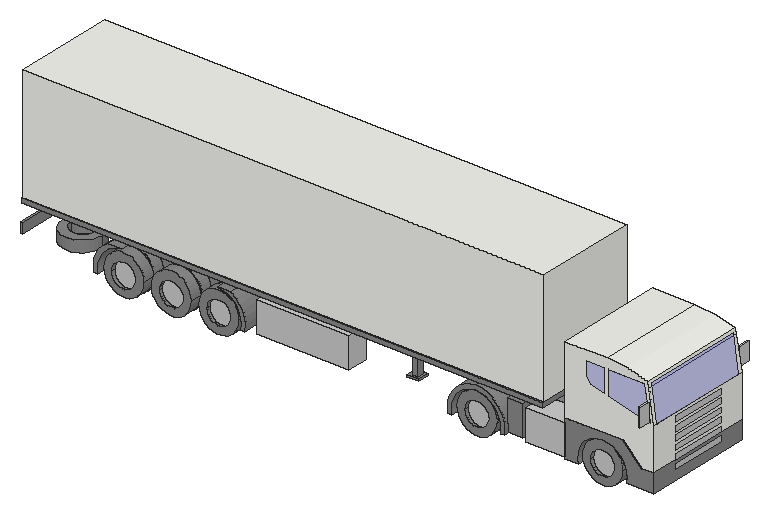
Revit family "1569432738Articulatedlorry", category Entourage, Revit 2015
Parameters (values of type "truckin")
  tyre = Metal - Paint Finish - Dark Gray, Matte
  hub = Metal - Chrome
  glass = Glass
  body = Metal - Paint Finish - Ivory, Matte
  base = Metal - Paint Finish - Dark Gray, Matte
  URL = "www.cadblocksfree.com"
  Height = 0 mm
  Assembly Code = ""
Reference planes
  plane 1 "Center (Front/Back)": y = 0
  plane 2: z = 0
  plane 3 "Center (Left/Right)": x = 0
Forms (mm)
  Extrusion 1, solid, material "Metal - Paint Finish - Ivory, Matte" <- "body"
    sketch origin (0, 33.176, 0) x (1, 0, 0) y (0, 1, 0)
      loop
        line (4209.381, -1003.176) -> (4211.184, 936.824) -> (-5653.337, 936.824) -> (-5653.337, -1003.176) -> (4209.381, -1003.176)
    from 1014.64 to 3169.105
  Extrusion 2, solid, material "Metal - Paint Finish - Dark Gray, Matte" <- "base"
    sketch origin (0, 0, 0) x (1, 0, 0) y (0, 1, 0)
      loop
        line (4211.184, 936.824) -> (-5653.337, 936.824) -> (-5653.337, -1003.176) -> (4209.381, -1003.176) -> (4211.184, 936.824)
    from 929.873 to 1014.64
  Extrusion 3, solid, material "Metal - Paint Finish - Dark Gray, Matte" <- "base"
    sketch origin (0, 0, 10.127) x (1, 0, 0) y (0, 0, 1)
      loop
        line (-5652.824, 929.873) -> (-5648.505, 620.585) -> (-4259.595, 628.808) -> (-4011.289, 386.146) -> (-888.816, 386.146) -> (-674.381, 386.146) -> (-387.242, 682.88) -> (562.49, 721.276) -> (1063.577, 929.873) -> (-5652.824, 929.873)
    from 353.472 to 531.906
  Extrusion 4, solid, material "Metal - Paint Finish - Dark Gray, Matte" <- "base"
    sketch origin (0, 0, 10.127) x (1, 0, 0) y (0, 0, -1)
      loop
        line (-5652.824, -929.873) -> (1063.577, -929.873) -> (562.49, -721.276) -> (-387.242, -682.88) -> (-674.381, -386.146) -> (-888.816, -386.146) -> (-4011.289, -386.146) -> (-4259.595, -628.808) -> (-5648.505, -620.585) -> (-5652.824, -929.873)
    from 353.472 to 531.906
  Extrusion 5, solid, material "Metal - Paint Finish - Dark Gray, Matte" <- "base"
    sketch origin (0, 0, 0) x (1, 0, 0) y (0, 0, 1)
      loop
        line (-5601.973, 630.988) -> (-5651.973, 630.988) -> (-5651.973, 446.252) -> (-5601.973, 446.252) -> (-5601.973, 630.988)
    from -1034.739 to 1033.783
  Extrusion 6, solid, material "Metal - Paint Finish - Dark Gray, Matte" <- "tyre"
    sketch origin (0, 0, 0) x (1, 0, 0) y (0, 0, 1)
      loop
        circle (-3725.547, 376.273) r 379.356
    from 531.906 to 745.996
  Extrusion 7, void
    sketch origin (0, 0, 0) x (1, 0, 0) y (0, 0, 1)
      loop
        circle (-3725.547, 376.273) r 227.54
    from 531.906 to 1003.176
  Extrusion 8, solid, material "Metal - Paint Finish - Dark Gray, Matte" <- "tyre"
    sketch origin (0, -244.09, 12.057) x (1, 0, 0) y (0, 0, 1)
      loop
        circle (-3725.547, 376.273) r 379.356
    from 531.906 to 745.996
  Extrusion 9, solid, material "Metal - Paint Finish - Dark Gray, Matte" <- "tyre"
    sketch origin (900, 0, 0) x (1, 0, 0) y (0, 0, 1)
      loop
        circle (-3725.547, 376.273) r 379.356
    from 531.906 to 745.996
  Extrusion 10, void
    sketch origin (900, 0, 0) x (1, 0, 0) y (0, 0, 1)
      loop
        circle (-3725.547, 376.273) r 227.54
    from 531.906 to 1003.176
  Extrusion 11, solid, material "Metal - Paint Finish - Dark Gray, Matte" <- "tyre"
    sketch origin (900, -244.09, 12.057) x (1, 0, 0) y (0, 0, 1)
      loop
        circle (-3725.547, 376.273) r 379.356
    from 531.906 to 745.996
  Extrusion 12, solid, material "Metal - Paint Finish - Dark Gray, Matte" <- "tyre"
    sketch origin (1800, 0, 0) x (1, 0, 0) y (0, 0, 1)
      loop
        circle (-3725.547, 376.273) r 379.356
    from 531.906 to 745.996
  Extrusion 13, void
    sketch origin (1800, 0, 0) x (1, 0, 0) y (0, 0, 1)
      loop
        circle (-3725.547, 376.273) r 227.54
    from 531.906 to 1003.176
  Extrusion 14, solid, material "Metal - Paint Finish - Dark Gray, Matte" <- "tyre"
    sketch origin (1800, -244.09, 12.057) x (1, 0, 0) y (0, 0, 1)
      loop
        circle (-3725.547, 376.273) r 379.356
    from 531.906 to 745.996
  Extrusion 15, solid, material "Metal - Paint Finish - Dark Gray, Matte" <- "tyre"
    sketch origin (6683.335, 0, 0) x (1, 0, 0) y (0, 0, 1)
      loop
        circle (-3725.547, 376.273) r 379.356
    from 531.906 to 745.996
  Extrusion 16, void
    sketch origin (6683.335, 0, 0) x (1, 0, 0) y (0, 0, 1)
      loop
        circle (-3725.547, 376.273) r 227.54
    from 531.906 to 1003.176
  Extrusion 17, solid, material "Metal - Paint Finish - Dark Gray, Matte" <- "tyre"
    sketch origin (6683.335, -244.09, 12.057) x (1, 0, 0) y (0, 0, 1)
      loop
        circle (-3725.547, 376.273) r 379.356
    from 531.906 to 745.996
  Extrusion 18, solid, material "Metal - Paint Finish - Dark Gray, Matte" <- "tyre"
    sketch origin (9058.452, 0, 0) x (1, 0, 0) y (0, 0, 1)
      loop
        circle (-3725.547, 376.273) r 379.356
    from 531.906 to 745.996
  Extrusion 19, void
    sketch origin (9058.452, 0, 0) x (1, 0, 0) y (0, 0, 1)
      loop
        circle (-3725.547, 376.273) r 227.54
    from 531.906 to 1003.176
  Extrusion 20, solid, material "Metal - Paint Finish - Dark Gray, Matte" <- "tyre"
    sketch origin (9058.452, -244.09, 12.057) x (1, 0, 0) y (0, 0, 1)
      loop
        circle (-3725.547, 376.273) r 379.356
    from 531.906 to 745.996
  Extrusion 21, solid, material "Metal - Paint Finish - Dark Gray, Matte" <- "tyre"
    sketch origin (0, 0, 0) x (1, 0, 0) y (0, 0, -1)
      loop
        circle (-3725.547, -376.273) r 379.356
    from 531.906 to 745.996
  Extrusion 22, void
    sketch origin (0, 0, 0) x (1, 0, 0) y (0, 0, -1)
      loop
        circle (-3725.547, -376.273) r 227.54
    from 531.906 to 1003.176
  Extrusion 23, solid, material "Metal - Paint Finish - Dark Gray, Matte" <- "tyre"
    sketch origin (0, 244.09, 12.057) x (1, 0, 0) y (0, 0, -1)
      loop
        circle (-3725.547, -376.273) r 379.356
    from 531.906 to 745.996
  Extrusion 24, solid, material "Metal - Paint Finish - Dark Gray, Matte" <- "tyre"
    sketch origin (900, 0, 0) x (1, 0, 0) y (0, 0, -1)
      loop
        circle (-3725.547, -376.273) r 379.356
    from 531.906 to 745.996
  Extrusion 25, void
    sketch origin (900, 0, 0) x (1, 0, 0) y (0, 0, -1)
      loop
        circle (-3725.547, -376.273) r 227.54
    from 531.906 to 1003.176
  Extrusion 26, solid, material "Metal - Paint Finish - Dark Gray, Matte" <- "tyre"
    sketch origin (900, 244.09, 12.057) x (1, 0, 0) y (0, 0, -1)
      loop
        circle (-3725.547, -376.273) r 379.356
    from 531.906 to 745.996
  Extrusion 27, solid, material "Metal - Paint Finish - Dark Gray, Matte" <- "tyre"
    sketch origin (1800, 0, 0) x (1, 0, 0) y (0, 0, -1)
      loop
        circle (-3725.547, -376.273) r 379.356
    from 531.906 to 745.996
  Extrusion 28, void
    sketch origin (1800, 0, 0) x (1, 0, 0) y (0, 0, -1)
      loop
        circle (-3725.547, -376.273) r 227.54
    from 531.906 to 1003.176
  Extrusion 29, solid, material "Metal - Paint Finish - Dark Gray, Matte" <- "tyre"
    sketch origin (1800, 244.09, 12.057) x (1, 0, 0) y (0, 0, -1)
      loop
        circle (-3725.547, -376.273) r 379.356
    from 531.906 to 745.996
  Extrusion 30, solid, material "Metal - Paint Finish - Dark Gray, Matte" <- "tyre"
    sketch origin (6683.335, 0, 0) x (1, 0, 0) y (0, 0, -1)
      loop
        circle (-3725.547, -376.273) r 379.356
    from 531.906 to 745.996
  Extrusion 31, void
    sketch origin (6683.335, 0, 0) x (1, 0, 0) y (0, 0, -1)
      loop
        circle (-3725.547, -376.273) r 227.54
    from 531.906 to 1003.176
  Extrusion 32, solid, material "Metal - Paint Finish - Dark Gray, Matte" <- "tyre"
    sketch origin (6683.335, 244.09, 12.057) x (1, 0, 0) y (0, 0, -1)
      loop
        circle (-3725.547, -376.273) r 379.356
    from 531.906 to 745.996
  Extrusion 33, solid, material "Metal - Paint Finish - Dark Gray, Matte" <- "tyre"
    sketch origin (9058.452, 0, 0) x (1, 0, 0) y (0, 0, -1)
      loop
        circle (-3725.547, -376.273) r 379.356
    from 531.906 to 745.996
  Extrusion 34, void
    sketch origin (9058.452, 0, 0) x (1, 0, 0) y (0, 0, -1)
      loop
        circle (-3725.547, -376.273) r 227.54
    from 531.906 to 1003.176
  Extrusion 35, solid, material "Metal - Paint Finish - Dark Gray, Matte" <- "tyre"
    sketch origin (9058.452, 244.09, 12.057) x (1, 0, 0) y (0, 0, -1)
      loop
        circle (-3725.547, -376.273) r 379.356
    from 531.906 to 745.996
  Extrusion 36, void
    sketch origin (-1099.626, -211.018, -359.099) x (1, 0, 0) y (0, 1, 0)
      loop
        circle (-3725.547, -376.273) r 227.54
    from 531.906 to 1003.176
  Extrusion 37, solid, material "Metal - Paint Finish - Dark Gray, Matte" <- "tyre"
    sketch origin (-1099.626, -223.075, -115.009) x (1, 0, 0) y (0, 1, 0)
      loop
        circle (-3725.547, -376.273) r 379.356
    from 531.906 to 745.996
  Extrusion 38, void
    sketch origin (528.58, 211.018, -533.189) x (-1, 0, 0) y (0, -1, 0)
      loop
        circle (-3725.547, -376.273) r 227.54
    from 531.906 to 1003.176
  Extrusion 39, solid, material "Metal - Paint Finish - Dark Gray, Matte" <- "tyre"
    sketch origin (528.58, 223.075, -289.099) x (-1, 0, 0) y (0, -1, 0)
      loop
        circle (-3725.547, -376.273) r 379.356
    from 531.906 to 745.996
  Extrusion 40, solid, material "Metal - Chrome" <- "hub"
    sketch origin (0, 0, 0) x (1, 0, 0) y (0, 0, 1)
      loop
        circle (2957.787, 376.273) r 227.54
    from 563.292 to 933.783
  Extrusion 41, solid, material "Metal - Chrome" <- "hub"
    sketch origin (2375.117, 0, 0) x (1, 0, 0) y (0, 0, 1)
      loop
        circle (2957.787, 376.273) r 227.54
    from 563.292 to 933.783
  Extrusion 42, solid, material "Metal - Chrome" <- "hub"
    sketch origin (-4883.335, 0, 0) x (1, 0, 0) y (0, 0, 1)
      loop
        circle (2957.787, 376.273) r 227.54
    from 563.292 to 933.783
  Extrusion 43, solid, material "Metal - Chrome" <- "hub"
    sketch origin (-5783.335, 0, 0) x (1, 0, 0) y (0, 0, 1)
      loop
        circle (2957.787, 376.273) r 227.54
    from 563.292 to 933.783
  Extrusion 44, solid, material "Metal - Chrome" <- "hub"
    sketch origin (-6683.335, 0, 0) x (1, 0, 0) y (0, 0, 1)
      loop
        circle (2957.787, 376.273) r 227.54
    from 563.292 to 933.783
  Extrusion 45, solid, material "Metal - Chrome" <- "hub"
    sketch origin (0, 0, 0) x (1, 0, 0) y (0, 0, -1)
      loop
        circle (2957.787, -376.273) r 227.54
    from 563.292 to 933.783
  Extrusion 46, solid, material "Metal - Chrome" <- "hub"
    sketch origin (2375.117, 0, 0) x (1, 0, 0) y (0, 0, -1)
      loop
        circle (2957.787, -376.273) r 227.54
    from 563.292 to 933.783
  Extrusion 47, solid, material "Metal - Chrome" <- "hub"
    sketch origin (-4883.335, 0, 0) x (1, 0, 0) y (0, 0, -1)
      loop
        circle (2957.787, -376.273) r 227.54
    from 563.292 to 933.783
  Extrusion 48, solid, material "Metal - Chrome" <- "hub"
    sketch origin (-5783.335, 0, 0) x (1, 0, 0) y (0, 0, -1)
      loop
        circle (2957.787, -376.273) r 227.54
    from 563.292 to 933.783
  Extrusion 49, solid, material "Metal - Chrome" <- "hub"
    sketch origin (-6683.335, 0, 0) x (1, 0, 0) y (0, 0, -1)
      loop
        circle (2957.787, -376.273) r 227.54
    from 563.292 to 933.783
  Extrusion 50, solid, material "Metal - Chrome" <- "hub"
    sketch origin (0, 0, 0) x (1, 0, 0) y (0, 0, 1)
      loop
        line (-1256.199, 802.528) -> (-1256.199, 229.895) -> (486.801, 229.895) -> (486.801, 802.528) -> (-1256.199, 802.528)
    from 545.502 to 933.783
  Extrusion 51, solid, material "Metal - Chrome" <- "hub"
    sketch origin (0, 0, 0) x (1, 0, 0) y (0, 0, -1)
      loop
        line (-1256.199, -802.528) -> (486.801, -802.528) -> (486.801, -229.895) -> (-1256.199, -229.895) -> (-1256.199, -802.528)
    from 545.502 to 933.783
  Extrusion 52, solid, material "Metal - Paint Finish - Dark Gray, Matte" <- "base"
    sketch origin (0, 0, 0) x (1, 0, 0) y (0, 1, 0)
      loop
        line (1328.629, -376.709) -> (1328.629, -476.709) -> (1428.629, -476.709) -> (1428.629, -376.709) -> (1328.629, -376.709)
    from 250 to 929.873
  Extrusion 53, solid, material "Metal - Paint Finish - Dark Gray, Matte" <- "base"
    sketch origin (0, 0, 0) x (1, 0, 0) y (0, 1, 0)
      loop
        line (1488.629, -316.709) -> (1268.629, -316.709) -> (1268.629, -536.709) -> (1488.629, -536.709) -> (1488.629, -316.709)
    from 218.574 to 250
  Extrusion 54, solid, material "Metal - Paint Finish - Dark Gray, Matte" <- "base"
    sketch origin (0, 0, 0) x (1, 0, 0) y (0, 1, 0)
      loop
        line (1328.629, 376.709) -> (1428.629, 376.709) -> (1428.629, 476.709) -> (1328.629, 476.709) -> (1328.629, 376.709)
    from 250 to 929.873
  Extrusion 55, solid, material "Metal - Paint Finish - Dark Gray, Matte" <- "base"
    sketch origin (0, 0, 0) x (1, 0, 0) y (0, 1, 0)
      loop
        line (1488.629, 316.709) -> (1488.629, 536.709) -> (1268.629, 536.709) -> (1268.629, 316.709) -> (1488.629, 316.709)
    from 218.574 to 250
  Extrusion 56, solid, material "Metal - Paint Finish - Dark Gray, Matte" <- "base"
    sketch origin (0, 0, 0) x (1, 0, 0) y (0, 0, 1)
      loop
        line (2459.458, 652.573) -> (2313.515, 433.657) -> (4518.57, 431.994) -> (4518.57, 652.573) -> (2459.458, 652.573)
    from -527.839 to 531.906
  Extrusion 57, solid, material "Metal - Paint Finish - Dark Gray, Matte" <- "base"
    sketch origin (0, 0, 0) x (1, 0, 0) y (0, 0, 1)
      loop
        line (2435.619, 231.994) -> (2516.961, 231.994)
        arc (2516.961, 231.994) -> (2609.227, 620.348) -> (2963.724, 803.824) r 478.794
        arc (2963.724, 803.824) -> (3330.139, 626.111) -> (3432.676, 231.994) r 485.961
        line (3432.676, 231.994) -> (3513.773, 231.994)
        arc (3513.773, 231.994) -> (3386.552, 683.381) -> (2962.589, 883.854) r 565.961
        arc (2962.589, 883.854) -> (2551.965, 676.873) -> (2435.619, 231.994) r 558.794
    from 531.906 to 1033.783
  Extrusion 58, solid, material "Metal - Paint Finish - Dark Gray, Matte" <- "base"
    sketch origin (0, 0, 0) x (1, 0, 0) y (0, 0, 1)
      loop
        arc (-4183.039, 265.567) -> (-4088.495, 653.317) -> (-3735.135, 838.858) r 484.981
        line (-3735.135, 838.858) -> (-3997.575, 838.858)
        arc (-3997.575, 838.858) -> (-4218.604, 593.005) -> (-4264.225, 265.567) r 564.981
        line (-4264.225, 265.567) -> (-4183.039, 265.567)
    from 563.292 to 1033.783
  Extrusion 59, solid, material "Metal - Paint Finish - Dark Gray, Matte" <- "base"
    sketch origin (-5660.316, 0, 0) x (-1, 0, 0) y (0, 0, -1)
      loop
        line (-4183.039, -265.567) -> (-4264.225, -265.567)
        arc (-4264.225, -265.567) -> (-4218.604, -593.005) -> (-3997.575, -838.858) r 564.981
        line (-3997.575, -838.858) -> (-3735.135, -838.858)
        arc (-3735.135, -838.858) -> (-4088.495, -653.317) -> (-4183.039, -265.567) r 484.981
    from 563.292 to 1033.783
  Extrusion 60, solid, material "Metal - Paint Finish - Dark Gray, Matte" <- "base"
    sketch origin (0, 0, 0) x (1, 0, 0) y (0, 0, -1)
      loop
        line (-4183.039, -265.567) -> (-4264.225, -265.567)
        arc (-4264.225, -265.567) -> (-4218.604, -593.005) -> (-3997.575, -838.858) r 564.981
        line (-3997.575, -838.858) -> (-3735.135, -838.858)
        arc (-3735.135, -838.858) -> (-4088.495, -653.317) -> (-4183.039, -265.567) r 484.981
    from 563.292 to 1033.783
  Extrusion 61, solid, material "Metal - Paint Finish - Dark Gray, Matte" <- "base"
    sketch origin (-5660.316, 0, 0) x (-1, 0, 0) y (0, 0, 1)
      loop
        arc (-4183.039, 265.567) -> (-4088.495, 653.317) -> (-3735.135, 838.858) r 484.981
        line (-3735.135, 838.858) -> (-3997.575, 838.858)
        arc (-3997.575, 838.858) -> (-4218.604, 593.005) -> (-4264.225, 265.567) r 564.981
        line (-4264.225, 265.567) -> (-4183.039, 265.567)
    from 563.292 to 1033.783
  Extrusion 62, solid, material "Metal - Paint Finish - Dark Gray, Matte" <- "base"
    sketch origin (0, 0, 0) x (1, 0, 0) y (0, 0, -1)
      loop
        arc (2435.619, -231.994) -> (2551.965, -676.873) -> (2962.589, -883.854) r 558.794
        arc (2962.589, -883.854) -> (3386.552, -683.381) -> (3513.773, -231.994) r 565.961
        line (3513.773, -231.994) -> (3432.676, -231.994)
        arc (3432.676, -231.994) -> (3330.139, -626.111) -> (2963.724, -803.824) r 485.961
        arc (2963.724, -803.824) -> (2609.227, -620.348) -> (2516.961, -231.994) r 478.794
        line (2516.961, -231.994) -> (2435.619, -231.994)
    from 531.906 to 1033.783
  Extrusion 63, solid, material "Metal - Paint Finish - Dark Gray, Matte" <- "base"
    sketch origin (0, 0, 0) x (1, 0, 0) y (0, 0, 1)
      loop
        line (3511.184, 838.567) -> (3511.184, 265.567) -> (3811.184, 265.567) -> (3811.184, 838.567) -> (3511.184, 838.567)
    from 551.709 to 971.709
  Extrusion 64, solid, material "Metal - Paint Finish - Dark Gray, Matte" <- "base"
    sketch origin (0, 0, 0) x (1, 0, 0) y (0, 0, -1)
      loop
        line (3511.184, -838.567) -> (3811.184, -838.567) -> (3811.184, -265.567) -> (3511.184, -265.567) -> (3511.184, -838.567)
    from 551.709 to 971.709
  Extrusion 65, solid, material "Metal - Chrome" <- "hub"
    sketch origin (0, 0, 0) x (1, 0, 0) y (0, 0, 1)
      loop
        line (3911.184, 838.2) -> (3911.184, 265.567) -> (4654.184, 265.567) -> (4654.184, 838.2) -> (3911.184, 838.2)
    from 563.292 to 1033.783
  Extrusion 66, solid, material "Metal - Chrome" <- "hub"
    sketch origin (0, 0, 0) x (1, 0, 0) y (0, 0, -1)
      loop
        line (3911.184, -838.2) -> (4654.184, -838.2) -> (4654.184, -516.898) -> (3911.184, -516.898) -> (3911.184, -838.2)
    from 563.292 to 1033.783
  Extrusion 67, solid, material "Metal - Paint Finish - Ivory, Matte" <- "body"
    sketch origin (280.112, 0, 0) x (1, 0, 0) y (0, 0, 1)
      loop
        line (4374.072, 2222.585) -> (4374.072, 931.994) -> (5474.072, 931.994) -> (5827.626, 578.441) -> (6055.629, 578.441) -> (6055.629, 1374.994) -> (5954.695, 1992.107) -> (5938.782, 2089.402)
        arc (5938.782, 2089.402) -> (5562.234, 2189.04) -> (5174.172, 2222.585) r 2261.42
        line (5174.172, 2222.585) -> (4374.072, 2222.585)
    from -1034.739 to 1033.783
  Extrusion 68, void
    sketch origin (-1099.626, 211.018, -359.099) x (1, 0, 0) y (0, 1, 0)
      loop
        circle (-3725.547, 376.273) r 227.54
    from 531.906 to 1003.176
  Extrusion 69, solid, material "Metal - Paint Finish - Dark Gray, Matte" <- "tyre"
    sketch origin (-1099.626, 223.075, -115.009) x (1, 0, 0) y (0, 1, 0)
      loop
        circle (-3725.547, 376.273) r 379.356
    from 531.906 to 745.996
  Extrusion 70, solid, material "Metal - Paint Finish - Dark Gray, Matte" <- "base"
    sketch origin (280.112, 0, 0) x (1, 0, 0) y (0, 0, 1)
      loop
        line (4374.072, 931.994) -> (4374.072, 231.994) -> (4636.85, 231.994)
        arc (4636.85, 231.994) -> (4722.94, 632.717) -> (5094.707, 805.285) r 459.488
        arc (5094.707, 805.285) -> (5455.148, 624.487) -> (5547.641, 231.994) r 476.174
        line (5547.641, 231.994) -> (6055.629, 231.994) -> (6055.629, 578.441) -> (5827.626, 578.441) -> (5474.072, 931.994) -> (4374.072, 931.994)
    from -1034.739 to 1033.783
  Extrusion 71, solid, material "Metal - Chrome" <- "hub"
    sketch origin (280.112, -1033.783, 0) x (1, 0, 0) y (0, 0, 1)
      loop
        line (6055.629, 526.169) -> (6055.629, 431.169) -> (6065.629, 431.169) -> (6065.629, 526.169) -> (6055.629, 526.169)
      loop
        line (6055.629, 686.169) -> (6055.629, 591.169) -> (6065.629, 591.169) -> (6065.629, 686.169) -> (6055.629, 686.169)
      loop
        line (6055.629, 846.169) -> (6055.629, 751.169) -> (6065.629, 751.169) -> (6065.629, 846.169) -> (6055.629, 846.169)
      loop
        line (6055.629, 1006.169) -> (6055.629, 911.169) -> (6065.629, 911.169) -> (6065.629, 1006.169) -> (6055.629, 1006.169)
      loop
        line (6055.629, 1166.169) -> (6055.629, 1071.169) -> (6065.629, 1071.169) -> (6065.629, 1166.169) -> (6055.629, 1166.169)
      loop
        line (6055.629, 1326.169) -> (6055.629, 1231.169) -> (6065.629, 1231.169) -> (6065.629, 1326.169) -> (6055.629, 1326.169)
    from -1565.689 to -501.877
  Extrusion 72, solid, material "Metal - Chrome" <- "hub"
    sketch origin (360.112, -1033.783, 0) x (1, 0, 0) y (0, 0, 1)
      loop
        line (5885.619, 1774.76) -> (5885.619, 1434.76) -> (5905.619, 1434.76) -> (5905.619, 1774.76) -> (5885.619, 1774.76)
    from 45.829 to 250
  Extrusion 73, solid, material "Glass" <- "glass"
    sketch origin (280.112, -1033.783, 0) x (1, 0, 0) y (0, 0, 1)
      loop
        line (5946.475, 2042.369) -> (6055.365, 1376.608) -> (6065.498, 1376.608) -> (5956.608, 2042.369) -> (5946.475, 2042.369)
    from -2003.783 to -63.783
  Extrusion 74, solid, material "Glass" <- "glass"
    sketch origin (280.112, -1033.783, 0) x (1, 0, 0) y (0, 0, 1)
      loop
        line (5886.475, 2042.369) -> (5206.475, 2042.369) -> (5206.475, 1581.163) -> (5924.811, 1408.067) -> (5998.319, 1408.067) -> (5886.475, 2042.369)
      loop
        line (4786.475, 2042.369) -> (4786.475, 1782.369) -> (4870.708, 1662.071) -> (5126.475, 1600.44) -> (5126.475, 2042.369) -> (4786.475, 2042.369)
    from 0 to 10
  Extrusion 75, solid, material "Metal - Chrome" <- "hub"
    sketch origin (360.112, 1033.783, 0) x (1, 0, 0) y (0, 0, -1)
      loop
        line (5885.619, -1774.76) -> (5905.619, -1774.76) -> (5905.619, -1434.76) -> (5885.619, -1434.76) -> (5885.619, -1774.76)
    from 45.829 to 250
  Extrusion 76, solid, material "Glass" <- "glass"
    sketch origin (280.112, 1033.783, 0) x (1, 0, 0) y (0, 0, -1)
      loop
        line (5886.475, -2042.369) -> (5998.319, -1408.067) -> (5924.811, -1408.067) -> (5206.475, -1581.163) -> (5206.475, -2042.369) -> (5886.475, -2042.369)
      loop
        line (4786.475, -2042.369) -> (5126.475, -2042.369) -> (5126.475, -1600.44) -> (4870.708, -1662.071) -> (4786.475, -1782.369) -> (4786.475, -2042.369)
    from 0 to 10
Cuts and joins
  Extrusion 7, Extrusion 10, Extrusion 22 cuts Extrusion 6
  Extrusion 7, Extrusion 10, Extrusion 22 cuts Extrusion 8
  Extrusion 10, Extrusion 13, Extrusion 16, Extrusion 22, Extrusion 25, Extrusion 28, Extrusion 68 cuts Extrusion 3
  Extrusion 10, Extrusion 13, Extrusion 25 cuts Extrusion 9
  Extrusion 10, Extrusion 13, Extrusion 25 cuts Extrusion 11
  Extrusion 13, Extrusion 16, Extrusion 28 cuts Extrusion 12
  Extrusion 13, Extrusion 16, Extrusion 28 cuts Extrusion 14
  Extrusion 16, Extrusion 19, Extrusion 31 cuts Extrusion 15
  Extrusion 16, Extrusion 19, Extrusion 31 cuts Extrusion 17
  Extrusion 19, Extrusion 34 cuts Extrusion 18
  Extrusion 19, Extrusion 34 cuts Extrusion 20
  Extrusion 22 cuts Extrusion 21
  Extrusion 22 cuts Extrusion 23
  Extrusion 25 cuts Extrusion 24
  Extrusion 25 cuts Extrusion 26
  Extrusion 28 cuts Extrusion 27
  Extrusion 28 cuts Extrusion 29
  Extrusion 31 cuts Extrusion 30
  Extrusion 31 cuts Extrusion 32
  Extrusion 34 cuts Extrusion 33
  Extrusion 34 cuts Extrusion 35
  Extrusion 36, Extrusion 38 cuts Extrusion 4
  Extrusion 36, Extrusion 68 cuts Extrusion 37
  Extrusion 38 cuts Extrusion 39
  Extrusion 68 cuts Extrusion 69
